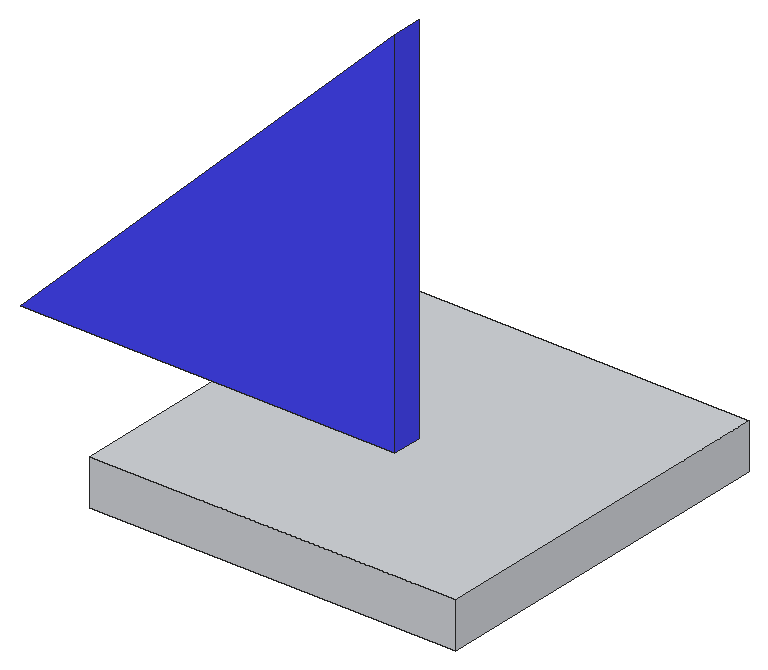
Revit family "1", category Modelos genéricos, Revit 2016
Family settings
  Anfitrión = Cara
  Tipo de pieza = Normal
  Puede alojar armadura = No
  Cota de conector redondo = Diámetro de uso
  Corte con vacíos al cargar = No
  Compartido = No
  Punto de cálculo de habitación = No
Parameters (values of type "T3")
  Default Elevation = 1219.2 mm
  D = B
  C = 200 mm
  B = 2500 mm
  A = 2500 mm
Types (3, lengths in mm): name | D | C | B | A
  T2 | G | 100 | 1000 | 1000
  T1 | R | 50 | 1500 | 1500
  T3 | B | 200 | 2500 | 2500
Reference planes
  plane 1 "Centro (Frontal/Posterior)": y = 0
  plane 2: z = 0
  plane 3 "Centro (Izquierda/Derecha)": x = 0
Forms (mm)
  Extrusion 1, solid
    sketch origin (0, 0, 0) x (1, 0, 0) y (0, 1, 0)
      loop
        line (-1219.2, 1219.2) -> (-1219.2, -1219.2) -> (1219.2, -1219.2) -> (1219.2, 1219.2) -> (-1219.2, 1219.2)
    from 0 to -304.8
  Extrusion 2, solid, material "B" <- "D"
    sketch origin (120, 0, 0) x (1, 0, 0) y (0, 0, 1)
      loop
        line (-2620, 0) -> (-120, 0) -> (-120, 2500) -> (-2620, 0)
    from 0 to 200
Dimensions and locks
  "A": Extrusion 2 sketch curve to Extrusion 2 sketch curve
  "B": Extrusion 2 sketch curve to Extrusion 2 sketch curve
  "C": Extrusion 2 to Extrusion 2
  aligned and locked: plane 2 to Extrusion 1
  aligned and locked: level to Extrusion 1
  aligned and locked: Extrusion 1 to Extrusion 2 sketch curve
  aligned and locked: plane 3 "Centro (Izquierda/Derecha)" to Extrusion 2
Automatic sketch dimensions
  Extrusion 1 sketch curve to Extrusion 1 sketch curve = 2438.4 mm  (x2)
  Extrusion 2 sketch curve to plane 3 "Centro (Izquierda/Derecha)" = 0 mm
